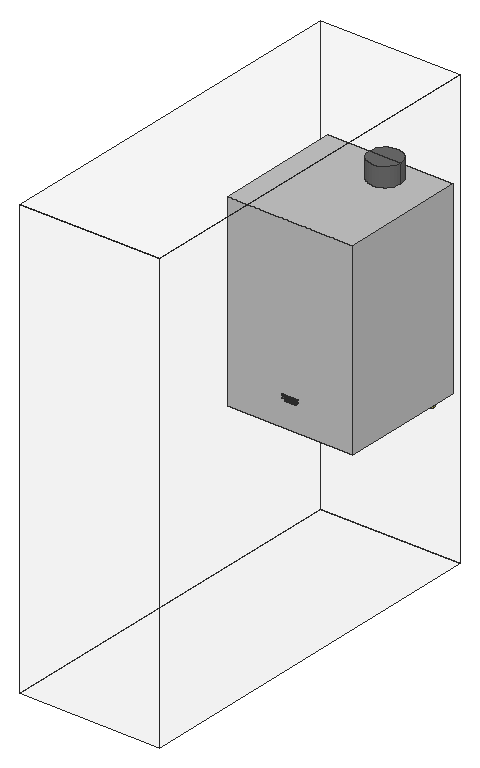
Revit family "Remeha_QuintaAce30_LOD3", category Mechanical Equipment, Revit 2016
Family settings
  Part Type = Normal
  Round Connector Dimension = Use Diameter
  OmniClass Number = 23.75.10.11.14
  OmniClass Title = Hot Water Heat Generators
  Work Plane-Based = No
  Always vertical = Yes
  Cut with Voids When Loaded = Yes
  Shared = No
  Room Calculation Point = No
Parameters (values of type "80/125 Concentric Flue Connection - 125 Connector")
  Weekly = ""
  Water Treatment Required = yes
  Water Content = 4.3 L
  Warranty ID = ""
  Voltage = 230 V
  URL = ""
  Type = "Space heating"
  Turndown Ratio = "3.66:1"
  Text Material = Paint - Black
  Supply Phase = 1
  Starting Current = 0 A
  Sound Pressure Level = "38.3"
  Shipping Weight = 61.00 kg
  Shape = "Rectangular (Vertical)"
  Safety Valve Connection Type = "Unset"
  Safety Valve Connection Size = 0.00 mm
  Responsible Sourcing of Materials = ""
  Responsible Extraction of Materials = ""
  Reference Standard = "GAR 2016/426, BED 92/42/EEC, ErP 2009/123/EC"
  Rated Output = 29800 W
  Rated Criteria = "80/60"
  Quarterly = ""
  Product Range = "Quinta Ace 30"
  Product Model Number = ""
  Product Literature = "https://www.remeha.co.uk/products/wall-hung-range/quinta-ace-30-115"
  Primary Fuel = "Gas - NG"
  Overall Width = 500.00 mm
  Overall Length = 500.00 mm
  Overall Height = 750.00 mm
  Optional Fuel = "LPG"
  Operation and Maintenance Manual = "https://www.remeha.co.uk/products/wall-hung-range/quinta-ace-30-115"
  Oil Consumption rate = 0
  Nominal Oil Inlet Pressure = 0.00000 bar
  Nominal Gas Inlet Pressure = 0.02000 bar
  NOx Emissions = "33"
  Mounting = "Wall Mounted"
  Monthly = ""
  Model = ""
  Minimum Power Consumption = 19 W
  Minimum Operating Pressure = 0.80000 bar
  Minimum Oil Inlet Pressure = 0.00000 bar
  Minimum Gas Inlet Pressure = 0.01700 bar
  Minimum Flow Rate at 20C temperature differential = 0.36 L/s
  Minimum Flow Rate at 11C temperature differential = 0.65 L/s
  Maximum Power Consumption = 40 W
  Maximum Operating Pressure = 4.00000 bar
  Maximum Oil Inlet Pressure = 0.00000 bar
  Maximum Gas Inlet Pressure = 0.02500 bar
  Material Ingredient Reporting = ""
  Manufacturer Website = "www.remeha.co.uk"
  Manufacturer = "Remeha Commercial"
  Maintenance Required 8001 to 12000hrs = ""
  Maintenance Required 601 to 1000hrs = ""
  Maintenance Required 4001 to 8000hrs = ""
  Maintenance Required 301 to 600hrs = ""
  Maintenance Required 2001 to 4000hrs = ""
  Maintenance Required 1001 to 2000hrs = ""
  Maintenance Required 0 to 300hrs = ""
  Location of Manufacturer = ""
  Load Classification = none
  Life Cycle Analysis = ""
  Interlocks = yes
  IfcExportType = "NOTDEFINED"  # constant formula
  IfcExportAs = "IfcBoilerType"  # constant formula
  IP Rating = "X4D"
  IK Rating = "Not Required"
  Hydraulic Resistance at 20C temperature differential = 0.07000 bar
  Hydraulic Resistance at 11C temperature differential = 0.23100 bar
  Heater Operation = "Condensing"
  Heat Exchanger Material = "Aluminium"
  Gross Weight = 54.30 kg
  Green Guide for Specification = ""
  Gas Consumption rate = "3.2"
  Fuse Rating = 2.5 A
  Full Load Current = 0 A
  Fuel Connection Type = "Threaded"
  Fuel Connection Size = 20.00 mm
  Frequency = 50 Hz
  Flue or Air Intake Classification = "B23p,B33,C13, C33, C53, C63, C93"
  Flue Radius = Air Inlet Connection Size / 2  # 62.50 mm
  Flue Connector Size = 125 mm
  Flue Connection size = 80.00 mm
  Flow and Return Connection Type = "Threaded"
  Flow and Return Connection Size = 32.00 mm
  Finish = "High Polish Gardner 60 GRAD 91EH"
  Features = "Remeha's Quinta Pro range are compact high efficiency wall hung condensing boilers. Lighter and more efficienct, their small size make them ideally suited to modular arrangments"
  External Material = "Steel"
  Expected Life = "15"
  ErP Seasonal Efficiency = "94"
  ErP Rated Efficiency at Part Load = "0"
  ErP Rated Efficiency at Full Load = "0"
  ErP Energy Label = "A"
  Environmental Product Declaration = ""
  Energy Technology List = "0"
  Embodied Carbon = ""
  Drain Connection Type = "Unset"
  Drain Connection Size = 25.00 mm
  Description = ""
  Daily = ""
  Control Type = "'0 - 10V, Open Therm, Volt free enable, Direct boiler weather compensating control systems available from Remeha as optional extra's."
  Configuration = "Single boiler"
  Condensate Drain Type = "Plain"
  Condensate Drain Size = 32.00 mm
  Colour = "RAL 9016"
  Clearance Box Visibility [instance] = yes
  Classification.Uniclass.Pr.Number [instance] = "Pr_60_60_08_34"
  Classification.Uniclass.Pr.Description [instance] = "Gas fired Condensing Boilers"
  CE Mark = "0063CS3928"
  Burner Control Type = "Modulating"
  Building Regulations Seasonal Efficiency = "97.62"
  Bespoke Timeframe = ""
  BMS Links = yes
  Annually = "As Per Attached URL O&M Manual"
  Air Inlet Connection Size = 125.00 mm
  Additional Technical Details = "https://www.remeha.co.uk/products/wall-hung-range/quinta-ace-30-115"
  Access Clearance Top = 400.00 mm
  Access Clearance Right = 30.00 mm
  Access Clearance Rear = 0.00 mm
  Access Clearance Left = 30.00 mm
  Access Clearance Front = 1000.00 mm
  Access Clearance Bottom = 600.00 mm
  6 Monthly = ""
Types (2, lengths in mm): name | Load Classification | Flue Connector Size
  80/125 Conventional Flue Connection - 80 Connector | Other | 80
  80/125 Concentric Flue Connection - 125 Connector | none | 125
Reference planes
  plane 1 "Center (Front/Back)": y = 0
  plane 2: z = 0
  plane 3 "Center (Left/Right)": x = 0
  plane 4: y = -50
  plane 5: y = -75
  plane 6: x = -115
  plane 7: x = 59
  plane 8: x = 119.4
  plane 9: x = 200
  plane 10: x = 250
  plane 11: y = -101
  plane 12: x = -250
  plane 13: y = -500
  plane 14: x = -280
  plane 15: x = 280
  plane 16: y = -1500
  plane 17: y = 0
  plane 18: z = 750
  plane 19: z = 1150
  plane 20: z = -600
  plane 21: z = 824.467
Forms (mm)
  Sweep 1, solid, material "101_240_115"
    path origin (453.507, -50, 3000) x (1, 0, 0) y (0, 0, 1)
      loop
        line (-568.507, -3039.462) -> (-568.507, -3000)
    profile origin (-115, -50, -19.731) x (-1, 0, 0) y (0, -1, 0)
      loop
        circle (0, 0) r 21.2
  Sweep 2, solid
    path origin (453.507, -75, 3000) x (1, 0, 0) y (0, 0, 1)
      loop
        line (-394.507, -3012.462) -> (-394.507, -3000)
    profile origin (59, -75, -6.231) x (-1, 0, 0) y (0, -1, 0)
      loop
        circle (0, 0) r 16.25
  Sweep 3, solid, material "229_0_0"
    path origin (687.907, -50, 3000) x (1, 0, 0) y (0, 0, 1)
      loop
        line (-568.507, -3039.662) -> (-568.507, -3000)
    profile origin (119.4, -50, -19.831) x (-1, 0, 0) y (0, -1, 0)
      loop
        circle (0, 0) r 21.2
  Sweep 4, solid, material "229_229_0"
    path origin (768.507, -50, 3000) x (1, 0, 0) y (0, 0, 1)
      loop
        line (-568.507, -3040) -> (-568.507, -3000)
    profile origin (200, -50, -20) x (-1, 0, 0) y (0, -1, 0)
      loop
        circle (0, 0) r 13.5
  Revolve 5, solid, material "51_51_51"
    sketch origin (453.507, -101, 2990) x (1, 0, 0) y (0, 0, 1)
      loop
        line (-394.507, -2240) -> (-332.007, -2240) -> (-332.007, -2165.533) -> (-394.507, -2165.533) -> (-394.507, -2240)
      axis (-394.507, -2165.533) -> (-394.507, -2240)
    angle from 0 to 360
  Extrusion 6, solid, material "192_192_192"
    sketch origin (0, 5.687, 0) x (1, 0, 0) y (0, 1, 0)
      loop
        line (-250, -5.687) -> (-250, -505.688) -> (250, -505.688) -> (250, -5.687) -> (-250, -5.687)
    from 0 to 750
  Extrusion 7, solid, material "Clearance", visible <- "Clearance Box Visibility"
    sketch origin (0, 0, 0) x (1, 0, 0) y (0, 1, 0)
      loop
        line (-280, 0) -> (-280, -1500) -> (280, -1500) -> (280, 0) -> (-280, 0)
    from -600 to 1150
  Extrusion 8, solid, material "Paint - Black" <- "Text Material"
    sketch origin (0, 0, 0) x (1, 0, 0) y (0, 0, 1)
      loop
        line (-30.625, 120.395) -> (-30.625, 118.213) -> (30.625, 118.213) -> (30.625, 120.395) -> (-30.625, 120.395)
      loop
        line (-30.625, 106.032) -> (30.625, 106.032) -> (30.625, 108.213) -> (-30.625, 108.213) -> (-30.625, 106.032)
      loop
        line (-28.307, 116.676) -> (-28.307, 109.282) -> (-20.805, 109.282) -> (-20.805, 112.183) -> (-19.053, 112.183)
        arc (-19.053, 112.183) -> (-18.314, 111.847) -> (-18.083, 111.068) r 0.979
        arc (-18.083, 111.068) -> (-18.083, 110.157) -> (-17.832, 109.282) r 3.272
        line (-17.832, 109.282) -> (-16.376, 109.282)
        arc (-16.376, 109.282) -> (-16.561, 110.336) -> (-16.618, 111.404) r 8.915
        arc (-16.618, 111.404) -> (-16.885, 112.268) -> (-17.601, 112.822) r 1.5
        arc (-17.601, 112.822) -> (-16.323, 115.034) -> (-18.28, 116.676) r 1.987
        line (-18.28, 116.676) -> (-20.805, 116.676) -> (-28.307, 116.676)
      loop
        line (-20.805, 115.402) -> (-20.805, 113.382) -> (-18.787, 113.382)
        arc (-18.787, 113.382) -> (-18.37, 113.534) -> (-18.148, 113.918) r 0.649
        arc (-18.148, 113.918) -> (-18.033, 114.426) -> (-18.159, 114.93) r 1.124
        arc (-18.159, 114.93) -> (-18.505, 115.276) -> (-18.976, 115.402) r 0.944
        line (-18.976, 115.402) -> (-20.805, 115.402)
      loop
        line (-26.948, 115.402) -> (-26.948, 110.655) -> (-22.202, 110.655) -> (-22.202, 115.402) -> (-26.948, 115.402)
      loop
        line (-9.068, 114.754) -> (-10.47, 114.754) -> (-10.47, 109.282) -> (-8.958, 109.282) -> (-8.958, 112.222)
        arc (-8.958, 112.222) -> (-8.681, 113.022) -> (-7.968, 113.478) r 1.291
        arc (-7.968, 113.478) -> (-7.458, 113.497) -> (-6.98, 113.316) r 1.291
        line (-6.98, 113.316) -> (-6.98, 114.889)
        arc (-6.98, 114.889) -> (-8.226, 114.723) -> (-9.068, 113.79) r 1.823
        line (-9.068, 113.79) -> (-9.068, 114.754)
      loop
        line (-5.139, 111.705) -> (-1.277, 111.705)
        arc (-1.277, 111.705) -> (-3.967, 114.88) -> (-6.562, 111.627) r 2.694
        arc (-6.562, 111.627) -> (-4.23, 109.192) -> (-1.394, 111.016) r 2.651
        line (-1.394, 111.016) -> (-2.704, 111.016)
        arc (-2.704, 111.016) -> (-4.224, 110.293) -> (-5.139, 111.705) r 1.276
      loop
        line (-5.147, 112.62) -> (-2.707, 112.62)
        arc (-2.707, 112.62) -> (-3.927, 113.841) -> (-5.147, 112.62) r 1.22
      loop
        line (1.337, 113.988) -> (1.337, 114.776) -> (-0.066, 114.776) -> (-0.066, 109.389) -> (1.396, 109.389) -> (1.396, 112.819)
        arc (1.396, 112.819) -> (2.357, 113.78) -> (3.318, 112.819) r 0.961
        line (3.318, 112.819) -> (3.318, 109.389) -> (4.781, 109.389) -> (4.781, 112.819)
        arc (4.781, 112.819) -> (5.723, 113.761) -> (6.665, 112.819) r 0.942
        line (6.665, 112.819) -> (6.665, 109.389) -> (8.107, 109.389) -> (8.107, 112.925)
        arc (8.107, 112.925) -> (8.131, 113.503) -> (7.91, 114.038) r 1.349
        arc (7.91, 114.038) -> (6.224, 114.92) -> (4.538, 114.038) r 2.053
        arc (4.538, 114.038) -> (2.923, 114.936) -> (1.337, 113.988) r 1.848
      loop
        line (10.835, 111.705) -> (14.697, 111.705)
        arc (14.697, 111.705) -> (12.007, 114.88) -> (9.413, 111.627) r 2.694
        arc (9.413, 111.627) -> (11.745, 109.192) -> (14.58, 111.016) r 2.651
        line (14.58, 111.016) -> (13.271, 111.016)
        arc (13.271, 111.016) -> (11.751, 110.293) -> (10.835, 111.705) r 1.276
      loop
        line (10.827, 112.62) -> (13.268, 112.62)
        arc (13.268, 112.62) -> (12.048, 113.841) -> (10.827, 112.62) r 1.22
      loop
        line (17.364, 116.805) -> (15.821, 116.805) -> (15.821, 109.416) -> (17.364, 109.416) -> (17.364, 112.62)
        arc (17.364, 112.62) -> (18.386, 113.878) -> (19.408, 112.62) r 1.044
        line (19.408, 112.62) -> (19.408, 109.416) -> (20.934, 109.416) -> (20.934, 113.081)
        arc (20.934, 113.081) -> (19.516, 114.929) -> (17.364, 114.038) r 1.913
        line (17.364, 114.038) -> (17.364, 116.805)
      loop
        line (22.242, 113.094) -> (23.722, 113.094)
        arc (23.722, 113.094) -> (23.883, 113.574) -> (24.311, 113.847) r 0.76
        arc (24.311, 113.847) -> (24.781, 113.923) -> (25.255, 113.868) r 1.739
        arc (25.255, 113.868) -> (25.672, 113.375) -> (25.347, 112.817) r 0.559
        arc (25.347, 112.817) -> (24.586, 112.573) -> (23.79, 112.514) r 3.395
        arc (23.79, 112.514) -> (23.01, 112.359) -> (22.39, 111.862) r 1.672
        arc (22.39, 111.862) -> (22.047, 110.754) -> (22.507, 109.69) r 1.672
        arc (22.507, 109.69) -> (23.456, 109.312) -> (24.477, 109.296) r 2.817
        arc (24.477, 109.296) -> (25.226, 109.546) -> (25.673, 110.197) r 1.24
        arc (25.673, 110.197) -> (25.722, 109.795) -> (25.841, 109.407) r 2.328
        line (25.841, 109.407) -> (27.312, 109.407)
        arc (27.312, 109.407) -> (27.148, 109.949) -> (27.093, 110.512) r 2.901
        line (27.093, 110.512) -> (27.093, 113.568)
        arc (27.093, 113.568) -> (26.736, 114.43) -> (25.874, 114.787) r 1.219
        arc (25.874, 114.787) -> (24.773, 114.91) -> (23.672, 114.787) r 4.994
        arc (23.672, 114.787) -> (22.673, 114.18) -> (22.242, 113.094) r 1.837
      loop
        arc (23.575, 111.229) -> (23.583, 110.746) -> (23.888, 110.371) r 0.737
        arc (23.888, 110.371) -> (24.388, 110.254) -> (24.895, 110.337) r 1.324
        arc (24.895, 110.337) -> (25.433, 110.755) -> (25.637, 111.405) r 1.14
        line (25.637, 111.405) -> (25.637, 112.191)
        arc (25.637, 112.191) -> (25.209, 111.86) -> (24.672, 111.801) r 0.999
        arc (24.672, 111.801) -> (24.028, 111.698) -> (23.575, 111.229) r 1.029
      loop
        line (-14.73, 105.293) -> (-14.73, 102.893)
        arc (-14.73, 102.893) -> (-14.262, 101.761) -> (-13.13, 101.293) r 1.6
        line (-13.13, 101.293) -> (-11.33, 101.293)
        arc (-11.33, 101.293) -> (-10.199, 101.761) -> (-9.73, 102.893) r 1.6
        line (-9.73, 102.893) -> (-9.73, 105.293) -> (-10.73, 105.293) -> (-10.73, 102.893)
        arc (-10.73, 102.893) -> (-10.965, 102.327) -> (-11.53, 102.093) r 0.8
        line (-11.53, 102.093) -> (-12.93, 102.093)
        arc (-12.93, 102.093) -> (-13.496, 102.327) -> (-13.73, 102.893) r 0.8
        line (-13.73, 102.893) -> (-13.73, 105.293) -> (-14.73, 105.293)
      loop
        line (23.957, 105.293) -> (19.757, 105.293) -> (19.757, 101.293) -> (23.957, 101.293) -> (23.957, 102.093) -> (20.757, 102.093) -> (20.757, 102.893) -> (23.957, 102.893) -> (23.957, 103.693) -> (20.757, 103.693) -> (20.757, 104.493) -> (23.957, 104.493) -> (23.957, 105.293)
      loop
        line (14.257, 103.693) -> (14.257, 102.893)
        arc (14.257, 102.893) -> (14.726, 101.761) -> (15.857, 101.293) r 1.6
        line (15.857, 101.293) -> (17.657, 101.293)
        arc (17.657, 101.293) -> (18.789, 101.761) -> (19.257, 102.893) r 1.6
        line (19.257, 102.893) -> (18.257, 102.893)
        arc (18.257, 102.893) -> (18.023, 102.327) -> (17.457, 102.093) r 0.8
        line (17.457, 102.093) -> (16.057, 102.093)
        arc (16.057, 102.093) -> (15.492, 102.327) -> (15.257, 102.893) r 0.8
        line (15.257, 102.893) -> (15.257, 103.693)
        arc (15.257, 103.693) -> (15.492, 104.259) -> (16.057, 104.493) r 0.8
        line (16.057, 104.493) -> (17.457, 104.493)
        arc (17.457, 104.493) -> (18.023, 104.259) -> (18.257, 103.693) r 0.8
        line (18.257, 103.693) -> (19.257, 103.693)
        arc (19.257, 103.693) -> (18.789, 104.824) -> (17.657, 105.293) r 1.6
        line (17.657, 105.293) -> (15.857, 105.293)
        arc (15.857, 105.293) -> (14.726, 104.824) -> (14.257, 103.693) r 1.6
      loop
        line (10.851, 105.293) -> (9.07, 101.293) -> (10.164, 101.293) -> (10.521, 102.093) -> (12.619, 102.093) -> (12.975, 101.293) -> (14.07, 101.293) -> (12.289, 105.293) -> (10.851, 105.293)
      loop
        line (10.877, 102.893) -> (12.263, 102.893) -> (11.57, 104.449) -> (10.877, 102.893)
      loop
        line (-20.23, 103.693) -> (-20.23, 102.893)
        arc (-20.23, 102.893) -> (-19.762, 101.761) -> (-18.63, 101.293) r 1.6
        line (-18.63, 101.293) -> (-16.83, 101.293)
        arc (-16.83, 101.293) -> (-16.428, 101.344) -> (-16.052, 101.495) r 1.6
        line (-16.052, 101.495) -> (-15.593, 100.84) -> (-14.937, 101.299) -> (-15.467, 102.055)
        arc (-15.467, 102.055) -> (-15.291, 102.458) -> (-15.23, 102.893) r 1.6
        line (-15.23, 102.893) -> (-15.23, 103.693)
        arc (-15.23, 103.693) -> (-15.699, 104.824) -> (-16.83, 105.293) r 1.6
        line (-16.83, 105.293) -> (-18.63, 105.293)
        arc (-18.63, 105.293) -> (-19.762, 104.824) -> (-20.23, 103.693) r 1.6
      loop
        line (-19.23, 103.693) -> (-19.23, 102.893)
        arc (-19.23, 102.893) -> (-18.996, 102.327) -> (-18.43, 102.093) r 0.8
        line (-18.43, 102.093) -> (-17.03, 102.093)
        arc (-17.03, 102.093) -> (-16.465, 102.327) -> (-16.23, 102.893) r 0.8
        line (-16.23, 102.893) -> (-16.23, 103.693)
        arc (-16.23, 103.693) -> (-16.465, 104.259) -> (-17.03, 104.493) r 0.8
        line (-17.03, 104.493) -> (-18.43, 104.493)
        arc (-18.43, 104.493) -> (-18.996, 104.259) -> (-19.23, 103.693) r 0.8
      loop
        line (-9.23, 105.293) -> (-9.23, 101.293) -> (-8.23, 101.293) -> (-8.23, 105.293) -> (-9.23, 105.293)
      loop
        line (-7.73, 105.293) -> (-7.73, 101.293) -> (-6.73, 101.293) -> (-6.73, 104.493) -> (-4.405, 101.293) -> (-2.73, 101.293) -> (-2.73, 105.293) -> (-3.73, 105.293) -> (-3.73, 102.093) -> (-6.055, 105.293) -> (-7.73, 105.293)
      loop
        line (-2.23, 105.293) -> (-2.23, 104.493) -> (-0.23, 104.493) -> (-0.23, 101.293) -> (0.77, 101.293) -> (0.77, 104.493) -> (2.77, 104.493) -> (2.77, 105.293) -> (-2.23, 105.293)
      loop
        line (3.851, 105.293) -> (2.07, 101.293) -> (3.164, 101.293) -> (3.521, 102.093) -> (5.619, 102.093) -> (5.975, 101.293) -> (7.07, 101.293) -> (5.289, 105.293) -> (3.851, 105.293)
      loop
        line (3.877, 102.893) -> (5.263, 102.893) -> (4.57, 104.449) -> (3.877, 102.893)
    from 500 to 502
Dimensions and locks
  locked: plane 4 to plane 1 "Center (Front/Back)" at 50
  locked: plane 5 to plane 1 "Center (Front/Back)" at 75
  locked: plane 9 to plane 10 at 50
  locked: plane 8 to plane 10 at 130.6
  locked: plane 7 to plane 10 at 191
  locked: plane 6 to plane 10 at 365
  locked: plane 11 to plane 1 "Center (Front/Back)" at 101
  "Flue Radius": Revolve 5 sketch curve to plane 7
  equal spacing: plane 12, plane 3 "Center (Left/Right)", plane 10
  locked: plane 13 to plane 1 "Center (Front/Back)" at 500
  "Access Clearance Front": plane 16 to plane 13
  "Access Clearance Rear": plane 1 "Center (Front/Back)" to plane 17
  locked: plane 12 to plane 10 at 500
  "Access Clearance Right": plane 10 to plane 15
  "Access Clearance Left": plane 14 to plane 12
  "Overall Height": plane 18 to plane 2
  "Access Clearance Bottom": plane 2 to plane 20
  "Access Clearance Top": plane 19 to plane 18
  locked: plane 21 to plane 18 at 74.467
  plane 3 "Center (Left/Right)" to Extrusion 7 = 280.00 mm
  aligned and locked: level to plane 2
  aligned and locked: plane 6 to Sweep 1 sketch curve
  aligned and locked: profile plane to Sweep 1 sketch curve  (x2)
  aligned and locked: profile plane to Sweep 2 sketch curve  (x2)
  aligned and locked: Sweep 2 sketch curve to plane 7
  aligned and locked: profile plane to Sweep 3 sketch curve  (x2)
  aligned and locked: plane 8 to Sweep 3 sketch curve
  aligned and locked: profile plane to Sweep 4 sketch curve  (x2)
  aligned and locked: plane 9 to Sweep 4 sketch curve
  aligned and locked: Revolve 5 sketch curve to plane 7
  aligned and locked: plane 17 to Extrusion 7 sketch curve
  aligned and locked: plane 14 to Extrusion 7 sketch curve
  aligned and locked: Extrusion 7 sketch curve to plane 15
  aligned and locked: Extrusion 7 sketch curve to plane 16
  aligned and locked: Revolve 5 to plane 21
  aligned and locked: Revolve 5 to plane 18
  aligned and locked: Extrusion 7 to plane 19
  aligned and locked: plane 13 to Extrusion 6 sketch curve
  aligned and locked: Extrusion 6 sketch curve to plane 12
  aligned and locked: plane 10 to Extrusion 6 sketch curve
  aligned and locked: plane 1 "Center (Front/Back)" to Extrusion 6 sketch curve
Automatic sketch dimensions
  Sweep 1 sketch curve to level = 0.00 mm
  Sweep 1 sketch curve to level = 39.462 mm
  Sweep 2 sketch curve to level = 0.00 mm
  Sweep 2 sketch curve to level = 12.462 mm
  Sweep 3 sketch curve to level = 0.00 mm
  Sweep 3 sketch curve to Sweep 3 sketch curve = 39.662 mm
  Sweep 4 sketch curve to level = 0.00 mm
  Sweep 4 sketch curve to Sweep 4 sketch curve = 40.00 mm
  Extrusion 8 sketch curve to Extrusion 8 sketch curve = 0.00 mm  (x35)
  Extrusion 8 sketch curve to plane 3 "Center (Left/Right)" = 30.625 mm
  Extrusion 8 sketch curve to Extrusion 8 sketch curve = 2.318 mm
  Extrusion 8 sketch curve to Extrusion 8 sketch curve = 1.36 mm
  Extrusion 8 sketch curve to Extrusion 8 sketch curve = 4.746 mm
  Extrusion 8 sketch curve to Extrusion 8 sketch curve = 1.397 mm  (x2)
  Extrusion 8 sketch curve to Extrusion 8 sketch curve = 0.575 mm
  Extrusion 8 sketch curve to Extrusion 8 sketch curve = 1.00 mm  (x9)
  Extrusion 8 sketch curve to Extrusion 8 sketch curve = 1.648 mm
  Extrusion 8 sketch curve to Extrusion 8 sketch curve = 1.752 mm
  Extrusion 8 sketch curve to Extrusion 8 sketch curve = 0.18 mm
  Extrusion 8 sketch curve to Extrusion 8 sketch curve = 0.19 mm
  Extrusion 8 sketch curve to Extrusion 8 sketch curve = 0.60 mm  (x9)
  Extrusion 8 sketch curve to Extrusion 8 sketch curve = 0.20 mm  (x10)
  Extrusion 8 sketch curve to Extrusion 8 sketch curve = 0.696 mm
  Extrusion 8 sketch curve to Extrusion 8 sketch curve = 0.935 mm
  Extrusion 8 sketch curve to Extrusion 8 sketch curve = 0.286 mm  (x2)
  Extrusion 8 sketch curve to Extrusion 8 sketch curve = 1.40 mm  (x3)
  Extrusion 8 sketch curve to Extrusion 8 sketch curve = 1.456 mm
  Extrusion 8 sketch curve to Extrusion 8 sketch curve = 0.779 mm
  Extrusion 8 sketch curve to Extrusion 8 sketch curve = 0.459 mm
  Extrusion 8 sketch curve to Extrusion 8 sketch curve = 0.584 mm
  Extrusion 8 sketch curve to Extrusion 8 sketch curve = 0.655 mm
  Extrusion 8 sketch curve to Extrusion 8 sketch curve = 1.533 mm
  Extrusion 8 sketch curve to Extrusion 8 sketch curve = 0.50 mm  (x5)
  Extrusion 8 sketch curve to Extrusion 8 sketch curve = 4.373 mm
  Extrusion 8 sketch curve to Extrusion 8 sketch curve = 1.402 mm
  Extrusion 8 sketch curve to Extrusion 8 sketch curve = 1.512 mm
  Extrusion 8 sketch curve to Extrusion 8 sketch curve = 1.255 mm
  Extrusion 8 sketch curve to Extrusion 8 sketch curve = 0.036 mm
  Extrusion 8 sketch curve to Extrusion 8 sketch curve = 0.29 mm
  Extrusion 8 sketch curve to Extrusion 8 sketch curve = 0.396 mm
  Extrusion 8 sketch curve to Extrusion 8 sketch curve = 0.675 mm  (x2)
  Extrusion 8 sketch curve to Extrusion 8 sketch curve = 1.833 mm
  Extrusion 8 sketch curve to Extrusion 8 sketch curve = 0.008 mm  (x2)
  Extrusion 8 sketch curve to Extrusion 8 sketch curve = 2.325 mm
  Extrusion 8 sketch curve to Extrusion 8 sketch curve = 1.22 mm  (x2)
  Extrusion 8 sketch curve to Extrusion 8 sketch curve = 0.001 mm  (x2)
  Extrusion 8 sketch curve to Extrusion 8 sketch curve = 0.009 mm  (x2)
  Extrusion 8 sketch curve to Extrusion 8 sketch curve = 0.043 mm  (x2)
  Extrusion 8 sketch curve to Extrusion 8 sketch curve = 1.172 mm  (x2)
  Extrusion 8 sketch curve to Extrusion 8 sketch curve = 1.31 mm  (x2)
  Extrusion 8 sketch curve to Extrusion 8 sketch curve = 0.117 mm  (x2)
  Extrusion 8 sketch curve to plane 3 "Center (Left/Right)" = 0.23 mm
  Extrusion 8 sketch curve to plane 3 "Center (Left/Right)" = 0.066 mm
  plane 3 "Center (Left/Right)" to Extrusion 8 sketch curve = 0.77 mm
  plane 3 "Center (Left/Right)" to Extrusion 8 sketch curve = 1.337 mm
  plane 3 "Center (Left/Right)" to Extrusion 8 sketch curve = 1.396 mm
  Extrusion 8 sketch curve to Extrusion 8 sketch curve = 1.30 mm
  Extrusion 8 sketch curve to Extrusion 8 sketch curve = 0.961 mm
  Extrusion 8 sketch curve to Extrusion 8 sketch curve = 2.00 mm  (x2)
  Extrusion 8 sketch curve to Extrusion 8 sketch curve = 0.366 mm
  Extrusion 8 sketch curve to Extrusion 8 sketch curve = 1.095 mm  (x4)
  Extrusion 8 sketch curve to Extrusion 8 sketch curve = 0.356 mm  (x8)
  Extrusion 8 sketch curve to Extrusion 8 sketch curve = 1.081 mm
  Extrusion 8 sketch curve to Extrusion 8 sketch curve = 0.719 mm  (x4)
  Extrusion 8 sketch curve to Extrusion 8 sketch curve = 1.463 mm
  Extrusion 8 sketch curve to Extrusion 8 sketch curve = 1.386 mm  (x2)
  Extrusion 8 sketch curve to Extrusion 8 sketch curve = 0.942 mm
  Extrusion 8 sketch curve to Extrusion 8 sketch curve = 0.441 mm
  Extrusion 8 sketch curve to Extrusion 8 sketch curve = 0.137 mm
  Extrusion 8 sketch curve to Extrusion 8 sketch curve = 1.304 mm
  Extrusion 8 sketch curve to Extrusion 8 sketch curve = 2.721 mm
  Extrusion 8 sketch curve to Extrusion 8 sketch curve = 0.33 mm
  Extrusion 8 sketch curve to Extrusion 8 sketch curve = 1.995 mm  (x2)
  Extrusion 8 sketch curve to Extrusion 8 sketch curve = 2.553 mm
  Extrusion 8 sketch curve to Extrusion 8 sketch curve = 1.542 mm  (x2)
  Extrusion 8 sketch curve to Extrusion 8 sketch curve = 1.022 mm
  Extrusion 8 sketch curve to Extrusion 8 sketch curve = 0.635 mm
  Extrusion 8 sketch curve to Extrusion 8 sketch curve = 0.388 mm
  Extrusion 8 sketch curve to Extrusion 8 sketch curve = 1.50 mm
  Extrusion 8 sketch curve to Extrusion 8 sketch curve = 1.526 mm
  Extrusion 8 sketch curve to Extrusion 8 sketch curve = 1.309 mm
  Extrusion 8 sketch curve to Extrusion 8 sketch curve = 1.474 mm
  Extrusion 8 sketch curve to Extrusion 8 sketch curve = 1.48 mm
  Extrusion 8 sketch curve to Extrusion 8 sketch curve = 0.217 mm
  Extrusion 8 sketch curve to Extrusion 8 sketch curve = 3.20 mm  (x2)
  Extrusion 8 sketch curve to Extrusion 8 sketch curve = 0.355 mm
  Extrusion 8 sketch curve to Extrusion 8 sketch curve = 0.558 mm
  Extrusion 8 sketch curve to Extrusion 8 sketch curve = 0.158 mm
  Extrusion 8 sketch curve to Extrusion 8 sketch curve = 0.205 mm
  Extrusion 8 sketch curve to Extrusion 8 sketch curve = 0.406 mm
  Extrusion 8 sketch curve to Extrusion 8 sketch curve = 0.064 mm
  Extrusion 8 sketch curve to Extrusion 8 sketch curve = 0.024 mm
  Extrusion 8 sketch curve to Extrusion 8 sketch curve = 0.293 mm
  Extrusion 8 sketch curve to Extrusion 8 sketch curve = 0.386 mm
  Extrusion 8 sketch curve to Extrusion 8 sketch curve = 0.353 mm
  Extrusion 8 sketch curve to Extrusion 8 sketch curve = 0.28 mm
  Extrusion 8 sketch curve to Extrusion 8 sketch curve = 0.818 mm
  Extrusion 8 sketch curve to Extrusion 8 sketch curve = 1.068 mm
  Extrusion 8 sketch curve to Extrusion 8 sketch curve = 0.759 mm
  Extrusion 8 sketch curve to Extrusion 8 sketch curve = 1.219 mm
  Extrusion 8 sketch curve to Extrusion 8 sketch curve = 0.219 mm
  Extrusion 8 sketch curve to Extrusion 8 sketch curve = 0.906 mm
  Extrusion 8 sketch curve to Extrusion 8 sketch curve = 4.751 mm
  Extrusion 8 sketch curve to Extrusion 8 sketch curve = 0.631 mm
  level to Extrusion 8 sketch curve = 100.84 mm
  Extrusion 8 sketch curve to Extrusion 8 sketch curve = 0.453 mm  (x3)
  Extrusion 8 sketch curve to Extrusion 8 sketch curve = 0.80 mm  (x16)
  Extrusion 8 sketch curve to Extrusion 8 sketch curve = 1.556 mm  (x2)
  Extrusion 8 sketch curve to Extrusion 8 sketch curve = 2.40 mm  (x2)
  Extrusion 8 sketch curve to Extrusion 8 sketch curve = 0.044 mm
  Extrusion 8 sketch curve to Extrusion 8 sketch curve = 1.60 mm
  Extrusion 8 sketch curve to Extrusion 8 sketch curve = 0.844 mm
  Extrusion 8 sketch curve to Extrusion 8 sketch curve = 2.339 mm
  Extrusion 8 sketch curve to Extrusion 8 sketch curve = 2.181 mm  (x2)
  Extrusion 8 sketch curve to Extrusion 8 sketch curve = 3.989 mm  (x2)
  Extrusion 8 sketch curve to Extrusion 8 sketch curve = 1.069 mm
  Extrusion 8 sketch curve to Extrusion 8 sketch curve = 4.096 mm
  Extrusion 8 sketch curve to Extrusion 8 sketch curve = 4.114 mm
  Extrusion 8 sketch curve to Extrusion 8 sketch curve = 4.124 mm
  Extrusion 8 sketch curve to Extrusion 8 sketch curve = 0.509 mm
  Extrusion 8 sketch curve to Extrusion 8 sketch curve = 0.234 mm
  Extrusion 8 sketch curve to Extrusion 8 sketch curve = 0.62 mm  (x2)
  Extrusion 8 sketch curve to Extrusion 8 sketch curve = 1.331 mm
  Extrusion 8 sketch curve to Extrusion 8 sketch curve = 1.374 mm
  Extrusion 8 sketch curve to Extrusion 8 sketch curve = 0.249 mm
  Extrusion 8 sketch curve to Extrusion 8 sketch curve = 0.059 mm
  Extrusion 8 sketch curve to Extrusion 8 sketch curve = 0.213 mm
  Extrusion 8 sketch curve to Extrusion 8 sketch curve = 1.599 mm
  Extrusion 8 sketch curve to Extrusion 8 sketch curve = 1.627 mm
  Extrusion 8 sketch curve to Extrusion 8 sketch curve = 1.922 mm
  Extrusion 8 sketch curve to Extrusion 8 sketch curve = 2.062 mm
  Extrusion 8 sketch curve to Extrusion 8 sketch curve = 0.346 mm
  Extrusion 8 sketch curve to Extrusion 8 sketch curve = 0.506 mm  (x2)
  Extrusion 8 sketch curve to Extrusion 8 sketch curve = 0.173 mm
  Extrusion 8 sketch curve to Extrusion 8 sketch curve = 0.303 mm  (x2)
  Extrusion 8 sketch curve to Extrusion 8 sketch curve = 0.496 mm
  Extrusion 8 sketch curve to Extrusion 8 sketch curve = 0.979 mm
  Extrusion 8 sketch curve to Extrusion 8 sketch curve = 0.606 mm
  Extrusion 8 sketch curve to Extrusion 8 sketch curve = 0.363 mm  (x2)
  Extrusion 8 sketch curve to Extrusion 8 sketch curve = 0.786 mm
  Extrusion 8 sketch curve to Extrusion 8 sketch curve = 0.879 mm
  Extrusion 8 sketch curve to Extrusion 8 sketch curve = 3.204 mm
  Extrusion 8 sketch curve to Extrusion 8 sketch curve = 0.434 mm  (x2)
  Extrusion 8 sketch curve to Extrusion 8 sketch curve = 0.603 mm
  Extrusion 8 sketch curve to Extrusion 8 sketch curve = 1.192 mm
  Extrusion 8 sketch curve to Extrusion 8 sketch curve = 0.214 mm
  Extrusion 8 sketch curve to Extrusion 8 sketch curve = 0.048 mm
  Extrusion 8 sketch curve to Extrusion 8 sketch curve = 0.106 mm
  Extrusion 8 sketch curve to Extrusion 8 sketch curve = 0.209 mm
  Extrusion 8 sketch curve to Extrusion 8 sketch curve = 0.461 mm
  Extrusion 8 sketch curve to Extrusion 8 sketch curve = 0.269 mm
  Extrusion 8 sketch curve to Extrusion 8 sketch curve = 0.012 mm
  Extrusion 8 sketch curve to Extrusion 8 sketch curve = 0.11 mm
  Extrusion 8 sketch curve to Extrusion 8 sketch curve = 0.206 mm
  Extrusion 8 sketch curve to Extrusion 8 sketch curve = 0.45 mm
  Extrusion 8 sketch curve to Extrusion 8 sketch curve = 0.539 mm
  Extrusion 8 sketch curve to Extrusion 8 sketch curve = 1.198 mm
  Extrusion 8 sketch curve to Extrusion 8 sketch curve = 0.242 mm
  Extrusion 8 sketch curve to Extrusion 8 sketch curve = 1.568 mm
  Extrusion 8 sketch curve to Extrusion 8 sketch curve = 1.169 mm
  Extrusion 8 sketch curve to Extrusion 8 sketch curve = 0.649 mm
  Extrusion 8 sketch curve to Extrusion 8 sketch curve = 0.382 mm
  Extrusion 8 sketch curve to Extrusion 8 sketch curve = 0.046 mm
  Extrusion 8 sketch curve to Extrusion 8 sketch curve = 0.23 mm
  Extrusion 8 sketch curve to Extrusion 8 sketch curve = 0.963 mm
  Extrusion 8 sketch curve to Extrusion 8 sketch curve = 0.788 mm
  Extrusion 8 sketch curve to Extrusion 8 sketch curve = 4.747 mm
  Extrusion 8 sketch curve to Extrusion 8 sketch curve = 1.119 mm
  Extrusion 8 sketch curve to Extrusion 8 sketch curve = 1.274 mm
  Extrusion 8 sketch curve to Extrusion 8 sketch curve = 2.767 mm
  Extrusion 8 sketch curve to Extrusion 8 sketch curve = 4.645 mm
  Extrusion 8 sketch curve to Extrusion 8 sketch curve = 0.121 mm
  Extrusion 8 sketch curve to Extrusion 8 sketch curve = 0.547 mm
  Extrusion 8 sketch curve to Extrusion 8 sketch curve = 0.591 mm
  Extrusion 8 sketch curve to Extrusion 8 sketch curve = 0.243 mm
  Extrusion 8 sketch curve to Extrusion 8 sketch curve = 0.148 mm
  Extrusion 8 sketch curve to Extrusion 8 sketch curve = 1.573 mm
  Extrusion 8 sketch curve to Extrusion 8 sketch curve = 0.141 mm
  Extrusion 8 sketch curve to Extrusion 8 sketch curve = 0.218 mm
  Extrusion 8 sketch curve to Extrusion 8 sketch curve = 0.171 mm
  Extrusion 8 sketch curve to Extrusion 8 sketch curve = 0.172 mm
  Extrusion 8 sketch curve to Extrusion 8 sketch curve = 0.296 mm
  Revolve 5 sketch curve to plane 7 = 0.00 mm
  Revolve 5 sketch curve to plane 18 = 0.00 mm
  Revolve 5 sketch curve to plane 21 = 0.00 mm
  plane 18 to Revolve 5 sketch curve = 33.884 mm
  Revolve 5 sketch curve to plane 19 = 29.116 mm
  radius of Sweep 1 sketch curve = 21.20 mm
  radius of Sweep 2 sketch curve = 16.25 mm
  radius of Sweep 3 sketch curve = 21.20 mm
  radius of Sweep 4 sketch curve = 13.50 mm
Connectors
  piping at (-115, -50, -39.462), diameter 32, driven by "Flow and Return Connection Size"
    settings: on Sweep 1, index 1, connector inside diameter 609.6 mm, connector length 0.00 mm, flow factor 0, pipe flow 0.0 L/s, pressure drop 0.00000 bar, fitting loss kfactor 0, connector angle 0.00°, fixture units 0, engagement length 0.00 mm, angle of deflection 0.00°, flow configuration 1, flow direction 1, fitting loss method 0, system type 20, joint type 0, gender type 0, connector reference index -1, connector utility 0, adjustable connector no, is connector primary yes, connector description "Return"
  piping at (119.4, -50, -39.662), diameter 32, driven by "Flow and Return Connection Size"
    settings: on Sweep 3, index 2, connector inside diameter 609.6 mm, connector length 0.00 mm, flow factor 0, pipe flow 0.0 L/s, pressure drop 0.00000 bar, fitting loss kfactor 0, connector angle 0.00°, fixture units 0, engagement length 0.00 mm, angle of deflection 0.00°, flow configuration 0, flow direction 2, fitting loss method 0, system type 19, joint type 0, gender type 0, connector reference index -1, connector utility 0, adjustable connector no, is connector primary no, connector description "Flow"
  piping at (200, -50, -40), diameter 20, driven by "Fuel Connection Size"
    settings: on Sweep 4, index 3, connector inside diameter 609.6 mm, connector length 0.00 mm, flow factor 0, pipe flow 0.0 L/s, pressure drop 0.00000 bar, fitting loss kfactor 0, connector angle 0.00°, fixture units 0, engagement length 0.00 mm, angle of deflection 0.00°, flow configuration 1, flow direction 1, fitting loss method 0, system type 22, joint type 0, gender type 0, connector reference index -1, connector utility 0, adjustable connector no, is connector primary no, connector description "Fuel"
  piping at (59, -75, -12.462), diameter 25, driven by "Drain Connection Size"
    settings: on Sweep 2, index 4, connector inside diameter 609.6 mm, connector length 0.00 mm, flow factor 0, pipe flow 0.0 L/s, pressure drop 0.00000 bar, fitting loss kfactor 0, connector angle 0.00°, fixture units 0, engagement length 0.00 mm, angle of deflection 0.00°, flow configuration 1, flow direction 2, fitting loss method 0, system type 16, joint type 0, gender type 0, connector reference index -1, connector utility 0, adjustable connector no, is connector primary no, connector description "Drain"
  hvac at (59, -101, 824.467), driven by "Flue Connector Size"
    settings: on Revolve 5, index 5, duct flow 0.0 L/s, flow factor 0, pres drop 0.00000 bar, loss coef 0, conn angle 0.00°, conn width 304.8 mm, conn height 304.8 mm, conn diameter 125 mm, duct sys type 3, conn prof type 0, flow config 0, flow direction 0, loss method 0, conn ref index -1, conn util no, is conn primary yes, conn desc "Flue"
  electrical at (0, 0, 375), driven by "Voltage", driven by "Maximum Power Consumption"
    settings: on Extrusion 6, index 6, voltage 230 V, apparent load 40 VA, apparent load phase1 0 VA, apparent load phase2 0 VA, apparent load phase3 0 VA, power factor 1, load classification "Other", number of poles 1, system type 30, power factor state 1, is connector primary yes, connector utility no, sub classification motor no, connector description ""
